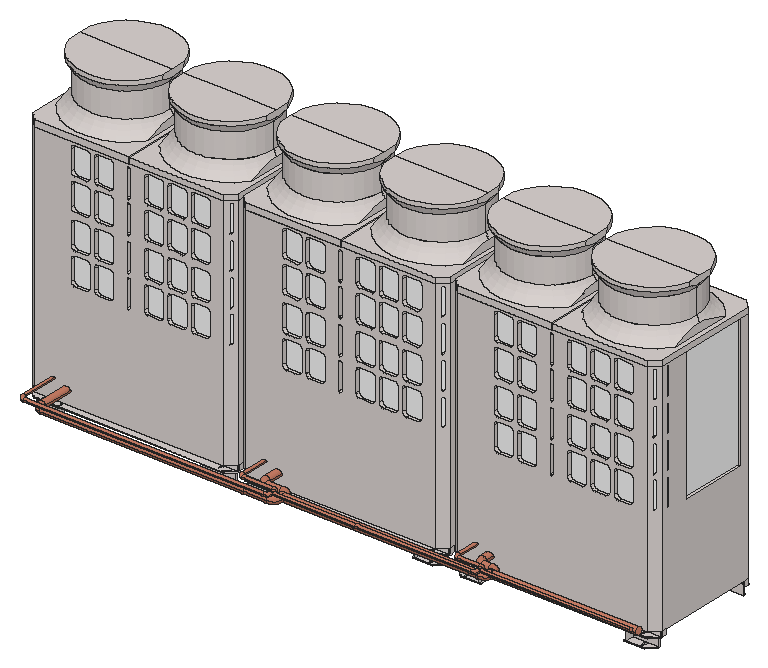
Revit family "PUHY-EP1100YSNW-A", category Mechanical Equipment, Revit 2012 (continued)
Definition of nested family "PUHY-EP400YNW-A"
  Lines and regions (mm)
    model lines
      curve 13: line (-357, -370, 131) -> (-485, -370, 131)
      curve 14: line (-347, -370, 205) -> (-347, -370, 141)
      curve 15: arc (-485, -370, 215) -> (-492.071, -370, 212.071) -> (-495, -370, 205) r 10
      curve 16: arc (-495, -370, 141) -> (-492.071, -370, 133.929) -> (-485, -370, 131) r 10
      curve 17: arc (-357, -370, 131) -> (-349.929, -370, 133.929) -> (-347, -370, 141) r 10
      curve 18: arc (-347, -370, 205) -> (-349.929, -370, 212.071) -> (-357, -370, 215) r 10
      curve 19: line (-405, -370, 1521) -> (-405, -370, 716)
      curve 20: line (620, -162.3, 1521) -> (620, -162.3, 95)
      curve 21: line (620, 289.2, 1521) -> (620, 289.2, 95)
      curve 22: line (620, -162.3, 705) -> (620, 289.2, 705)
      curve 23: line (620, -162.3, 725) -> (620, 289.2, 725)
      curve 24: line (620, -76.8, 583) -> (620, 203.2, 583)
      curve 25: line (620, 203.2, 563) -> (620, -76.8, 563)
      curve 26: arc (620, -76.8, 583) -> (620, -83.871, 580.071) -> (620, -86.8, 573) r 10
      curve 27: arc (620, -76.8, 563) -> (620, -83.871, 565.929) -> (620, -86.8, 573) r 10
      curve 28: arc (620, 203.2, 583) -> (620, 210.271, 580.071) -> (620, 213.2, 573) r 10
      curve 29: arc (620, 203.2, 563) -> (620, 210.271, 565.929) -> (620, 213.2, 573) r 10
      curve 30: line (620, -76.8, 478) -> (620, 203.2, 478)
      curve 31: line (620, 203.2, 458) -> (620, -76.8, 458)
      curve 32: arc (620, -76.8, 478) -> (620, -83.871, 475.071) -> (620, -86.8, 468) r 10
      curve 33: arc (620, -76.8, 458) -> (620, -83.871, 460.929) -> (620, -86.8, 468) r 10
      curve 34: arc (620, 203.2, 478) -> (620, 210.271, 475.071) -> (620, 213.2, 468) r 10
      curve 35: arc (620, 203.2, 458) -> (620, 210.271, 460.929) -> (620, 213.2, 468) r 10
      curve 36: line (620, -76.8, 373) -> (620, 203.2, 373)
      curve 37: line (620, 203.2, 353) -> (620, -76.8, 353)
      curve 38: arc (620, -76.8, 373) -> (620, -83.871, 370.071) -> (620, -86.8, 363) r 10
      curve 39: arc (620, -76.8, 353) -> (620, -83.871, 355.929) -> (620, -86.8, 363) r 10
      curve 40: arc (620, 203.2, 373) -> (620, 210.271, 370.071) -> (620, 213.2, 363) r 10
      curve 41: arc (620, 203.2, 353) -> (620, 210.271, 355.929) -> (620, 213.2, 363) r 10
      curve 42: line (620, -76.8, 268) -> (620, 203.2, 268)
      curve 43: line (620, 203.2, 248) -> (620, -76.8, 248)
      curve 44: arc (620, -76.8, 268) -> (620, -83.871, 265.071) -> (620, -86.8, 258) r 10
      curve 45: arc (620, -76.8, 248) -> (620, -83.871, 250.929) -> (620, -86.8, 258) r 10
      curve 46: arc (620, 203.2, 268) -> (620, 210.271, 265.071) -> (620, 213.2, 258) r 10
      curve 47: arc (620, 203.2, 248) -> (620, 210.271, 250.929) -> (620, 213.2, 258) r 10
      curve 48: line (-620, -162.3, 1521) -> (-620, -162.3, 95)
      curve 49: line (-620, 235.7, 1521) -> (-620, 235.7, 95)
      curve 50: line (-620, -112.3, 1521) -> (-620, -112.3, 705)
      curve 51: line (-620, 215.7, 1521) -> (-620, 215.7, 705)
      curve 52: line (-620, 235.7, 705) -> (-620, -162.3, 705)
      curve 53: line (-620, 176.7, 268) -> (-620, -103.3, 268)
      curve 54: line (-620, -103.3, 248) -> (-620, 176.7, 248)
      curve 55: arc (-620, 186.7, 258) -> (-620, 183.771, 265.071) -> (-620, 176.7, 268) r 10
      curve 56: arc (-620, 176.7, 248) -> (-620, 183.771, 250.929) -> (-620, 186.7, 258) r 10
      curve 57: arc (-620, -103.3, 268) -> (-620, -110.371, 265.071) -> (-620, -113.3, 258) r 10
      curve 58: arc (-620, -113.3, 258) -> (-620, -110.371, 250.929) -> (-620, -103.3, 248) r 10
      curve 59: line (-620, 176.7, 373) -> (-620, -103.3, 373)
      curve 60: line (-620, -103.3, 353) -> (-620, 176.7, 353)
      curve 61: arc (-620, 186.7, 363) -> (-620, 183.771, 370.071) -> (-620, 176.7, 373) r 10
      curve 62: arc (-620, 176.7, 353) -> (-620, 183.771, 355.929) -> (-620, 186.7, 363) r 10
      curve 63: arc (-620, -103.3, 373) -> (-620, -110.371, 370.071) -> (-620, -113.3, 363) r 10
      curve 64: arc (-620, -113.3, 363) -> (-620, -110.371, 355.929) -> (-620, -103.3, 353) r 10
      curve 65: line (-620, 176.7, 478) -> (-620, -103.3, 478)
      curve 66: line (-620, -103.3, 458) -> (-620, 176.7, 458)
      curve 67: arc (-620, 186.7, 468) -> (-620, 183.771, 475.071) -> (-620, 176.7, 478) r 10
      curve 68: arc (-620, 176.7, 458) -> (-620, 183.771, 460.929) -> (-620, 186.7, 468) r 10
      curve 69: arc (-620, -103.3, 478) -> (-620, -110.371, 475.071) -> (-620, -113.3, 468) r 10
      curve 70: arc (-620, -113.3, 468) -> (-620, -110.371, 460.929) -> (-620, -103.3, 458) r 10
      curve 71: line (-620, 176.7, 583) -> (-620, -103.3, 583)
      curve 72: line (-620, -103.3, 563) -> (-620, 176.7, 563)
      curve 73: arc (-620, 186.7, 573) -> (-620, 183.771, 580.071) -> (-620, 176.7, 583) r 10
      curve 74: arc (-620, 176.7, 563) -> (-620, 183.771, 565.929) -> (-620, 186.7, 573) r 10
      curve 75: arc (-620, -103.3, 583) -> (-620, -110.371, 580.071) -> (-620, -113.3, 573) r 10
      curve 76: arc (-620, -113.3, 573) -> (-620, -110.371, 565.929) -> (-620, -103.3, 563) r 10
      curve 77: line (-544, 370, 1521) -> (-544, 370, 95)
      curve 78: line (489, 370, 649) -> (30, 370, 649)
      curve 79: line (-30.5, 370, 649) -> (-544, 370, 649)
      curve 80: line (-147.25, 370, 584) -> (-427.25, 370, 584)
      curve 81: line (-427.25, 370, 564) -> (-147.25, 370, 564)
      curve 82: arc (-137.25, 370, 574) -> (-140.179, 370, 581.071) -> (-147.25, 370, 584) r 10
      curve 83: arc (-147.25, 370, 564) -> (-140.179, 370, 566.929) -> (-137.25, 370, 574) r 10
      curve 84: arc (-427.25, 370, 584) -> (-434.321, 370, 581.071) -> (-437.25, 370, 574) r 10
      curve 85: arc (-437.25, 370, 574) -> (-434.321, 370, 566.929) -> (-427.25, 370, 564) r 10
      curve 86: circle (448, -185, 1521) r 15 normal (0, 0, 1)
      curve 87: circle (468, -185, 95) r 26 normal (0, 0, 1)
      curve 88: circle (448, -260, 95) r 32.5 normal (0, 0, 1)
      curve 89: circle (404, -204, 95) r 17 normal (0, 0, 1)
      curve 90: line (-550, -370, 1521) -> (-550, -370, 95)
      curve 91: line (-550, -370, 716) -> (-30, -370, 716)
      curve 92: line (550, -370, 95) -> (550, -370, 1521)
      curve 93: line (30, -370, 716) -> (550, -370, 716)
      curve 94: line (-30.5, 370, 1521) -> (-30.5, 370, 95)
      curve 95: line (30, 370, 1521) -> (30, 370, 95)
      curve 96: line (489, 370, 1521) -> (489, 370, 95)
      curve 97: line (467, 370, 669) -> (467, 370, 649)
      curve 98: line (-352, -370, 223) -> (-550, -370, 223)
      curve 99: line (-342, -370, 213) -> (-342, -370, 95)
      curve 100: arc (-342, -370, 213) -> (-344.929, -370, 220.071) -> (-352, -370, 223) r 10
      curve 101: circle (488, -370, 160) r 32.5 normal (0, -1, 0)
      curve 102: circle (488, -370, 160) r 20 normal (0, -1, 0)
      curve 103: circle (364, -370, 150) r 17 normal (0, -1, 0)
      curve 104: circle (413, -370, 185) r 26 normal (0, -1, 0)
      curve 105: circle (413, -370, 185) r 13.5 normal (0, -1, 0)
      curve 106: line (352, -370, 223) -> (550, -370, 223)
      curve 107: line (342, -370, 213) -> (342, -370, 95)
      curve 108: arc (342, -370, 213) -> (344.929, -370, 220.071) -> (352, -370, 223) r 10
      curve 109: line (-147.25, 370, 479) -> (-427.25, 370, 479)
      curve 110: line (-427.25, 370, 459) -> (-147.25, 370, 459)
      curve 111: arc (-137.25, 370, 469) -> (-140.179, 370, 476.071) -> (-147.25, 370, 479) r 10
      curve 112: arc (-147.25, 370, 459) -> (-140.179, 370, 461.929) -> (-137.25, 370, 469) r 10
      curve 113: arc (-427.25, 370, 479) -> (-434.321, 370, 476.071) -> (-437.25, 370, 469) r 10
      curve 114: arc (-437.25, 370, 469) -> (-434.321, 370, 461.929) -> (-427.25, 370, 459) r 10
      curve 115: line (-147.25, 370, 374) -> (-427.25, 370, 374)
      curve 116: line (-427.25, 370, 354) -> (-147.25, 370, 354)
      curve 117: arc (-137.25, 370, 364) -> (-140.179, 370, 371.071) -> (-147.25, 370, 374) r 10
      curve 118: arc (-147.25, 370, 354) -> (-140.179, 370, 356.929) -> (-137.25, 370, 364) r 10
      curve 119: arc (-427.25, 370, 374) -> (-434.321, 370, 371.071) -> (-437.25, 370, 364) r 10
      curve 120: arc (-437.25, 370, 364) -> (-434.321, 370, 356.929) -> (-427.25, 370, 354) r 10
      curve 121: line (-147.25, 370, 269) -> (-427.25, 370, 269)
      curve 122: line (-427.25, 370, 249) -> (-147.25, 370, 249)
      curve 123: arc (-137.25, 370, 259) -> (-140.179, 370, 266.071) -> (-147.25, 370, 269) r 10
      curve 124: arc (-147.25, 370, 249) -> (-140.179, 370, 251.929) -> (-137.25, 370, 259) r 10
      curve 125: arc (-427.25, 370, 269) -> (-434.321, 370, 266.071) -> (-437.25, 370, 259) r 10
      curve 126: arc (-437.25, 370, 259) -> (-434.321, 370, 251.929) -> (-427.25, 370, 249) r 10
      curve 127: line (399.5, 370, 584) -> (119.5, 370, 584)
      curve 128: line (119.5, 370, 564) -> (399.5, 370, 564)
      curve 129: arc (409.5, 370, 574) -> (406.571, 370, 581.071) -> (399.5, 370, 584) r 10
      curve 130: arc (399.5, 370, 564) -> (406.571, 370, 566.929) -> (409.5, 370, 574) r 10
      curve 131: arc (119.5, 370, 584) -> (112.429, 370, 581.071) -> (109.5, 370, 574) r 10
      curve 132: arc (109.5, 370, 574) -> (112.429, 370, 566.929) -> (119.5, 370, 564) r 10
      curve 133: line (399.5, 370, 479) -> (119.5, 370, 479)
      curve 134: line (119.5, 370, 459) -> (399.5, 370, 459)
      curve 135: arc (409.5, 370, 469) -> (406.571, 370, 476.071) -> (399.5, 370, 479) r 10
      curve 136: arc (399.5, 370, 459) -> (406.571, 370, 461.929) -> (409.5, 370, 469) r 10
      curve 137: arc (119.5, 370, 479) -> (112.429, 370, 476.071) -> (109.5, 370, 469) r 10
      curve 138: arc (109.5, 370, 469) -> (112.429, 370, 461.929) -> (119.5, 370, 459) r 10
      curve 139: line (399.5, 370, 374) -> (119.5, 370, 374)
      curve 140: line (119.5, 370, 354) -> (399.5, 370, 354)
      curve 141: arc (409.5, 370, 364) -> (406.571, 370, 371.071) -> (399.5, 370, 374) r 10
      curve 142: arc (399.5, 370, 354) -> (406.571, 370, 356.929) -> (409.5, 370, 364) r 10
      curve 143: arc (119.5, 370, 374) -> (112.429, 370, 371.071) -> (109.5, 370, 364) r 10
      curve 144: arc (109.5, 370, 364) -> (112.429, 370, 356.929) -> (119.5, 370, 354) r 10
      curve 145: line (399.5, 370, 269) -> (119.5, 370, 269)
      curve 146: line (119.5, 370, 249) -> (399.5, 370, 249)
      curve 147: arc (409.5, 370, 259) -> (406.571, 370, 266.071) -> (399.5, 370, 269) r 10
      curve 148: arc (399.5, 370, 249) -> (406.571, 370, 251.929) -> (409.5, 370, 259) r 10
      curve 149: arc (119.5, 370, 269) -> (112.429, 370, 266.071) -> (109.5, 370, 259) r 10
      curve 150: arc (109.5, 370, 259) -> (112.429, 370, 251.929) -> (119.5, 370, 249) r 10
      curve 151: line (399.5, -370, 584) -> (119.5, -370, 584)
      curve 152: line (119.5, -370, 564) -> (399.5, -370, 564)
      curve 153: arc (409.5, -370, 574) -> (406.571, -370, 581.071) -> (399.5, -370, 584) r 10
      curve 154: arc (399.5, -370, 564) -> (406.571, -370, 566.929) -> (409.5, -370, 574) r 10
      curve 155: arc (119.5, -370, 584) -> (112.429, -370, 581.071) -> (109.5, -370, 574) r 10
      curve 156: arc (109.5, -370, 574) -> (112.429, -370, 566.929) -> (119.5, -370, 564) r 10
      curve 157: line (399.5, -370, 479) -> (119.5, -370, 479)
      curve 158: line (119.5, -370, 459) -> (399.5, -370, 459)
      curve 159: arc (409.5, -370, 469) -> (406.571, -370, 476.071) -> (399.5, -370, 479) r 10
      curve 160: arc (399.5, -370, 459) -> (406.571, -370, 461.929) -> (409.5, -370, 469) r 10
      curve 161: arc (119.5, -370, 479) -> (112.429, -370, 476.071) -> (109.5, -370, 469) r 10
      curve 162: arc (109.5, -370, 469) -> (112.429, -370, 461.929) -> (119.5, -370, 459) r 10
      curve 163: line (399.5, -370, 374) -> (119.5, -370, 374)
      curve 164: line (119.5, -370, 354) -> (399.5, -370, 354)
      curve 165: arc (409.5, -370, 364) -> (406.571, -370, 371.071) -> (399.5, -370, 374) r 10
      curve 166: arc (399.5, -370, 354) -> (406.571, -370, 356.929) -> (409.5, -370, 364) r 10
      curve 167: arc (119.5, -370, 374) -> (112.429, -370, 371.071) -> (109.5, -370, 364) r 10
      curve 168: arc (109.5, -370, 364) -> (112.429, -370, 356.929) -> (119.5, -370, 354) r 10
      curve 169: arc (119.5, -370, 269) -> (112.429, -370, 266.071) -> (109.5, -370, 259) r 10
      curve 170: arc (109.5, -370, 259) -> (112.429, -370, 251.929) -> (119.5, -370, 249) r 10
      curve 171: line (-147.25, -370, 584) -> (-427.25, -370, 584)
      curve 172: line (-427.25, -370, 564) -> (-147.25, -370, 564)
      curve 173: arc (-137.25, -370, 574) -> (-140.179, -370, 581.071) -> (-147.25, -370, 584) r 10
      curve 174: arc (-147.25, -370, 564) -> (-140.179, -370, 566.929) -> (-137.25, -370, 574) r 10
      curve 175: arc (-427.25, -370, 584) -> (-434.321, -370, 581.071) -> (-437.25, -370, 574) r 10
      curve 176: arc (-437.25, -370, 574) -> (-434.321, -370, 566.929) -> (-427.25, -370, 564) r 10
      curve 177: line (-147.25, -370, 479) -> (-427.25, -370, 479)
      curve 178: line (-427.25, -370, 459) -> (-147.25, -370, 459)
      curve 179: arc (-137.25, -370, 469) -> (-140.179, -370, 476.071) -> (-147.25, -370, 479) r 10
      curve 180: arc (-147.25, -370, 459) -> (-140.179, -370, 461.929) -> (-137.25, -370, 469) r 10
      curve 181: arc (-427.25, -370, 479) -> (-434.321, -370, 476.071) -> (-437.25, -370, 469) r 10
      curve 182: arc (-437.25, -370, 469) -> (-434.321, -370, 461.929) -> (-427.25, -370, 459) r 10
      curve 183: line (-147.25, -370, 374) -> (-427.25, -370, 374)
      curve 184: line (-427.25, -370, 354) -> (-147.25, -370, 354)
      curve 185: arc (-137.25, -370, 364) -> (-140.179, -370, 371.071) -> (-147.25, -370, 374) r 10
      curve 186: arc (-147.25, -370, 354) -> (-140.179, -370, 356.929) -> (-137.25, -370, 364) r 10
      curve 187: arc (-427.25, -370, 374) -> (-434.321, -370, 371.071) -> (-437.25, -370, 364) r 10
      curve 188: arc (-437.25, -370, 364) -> (-434.321, -370, 356.929) -> (-427.25, -370, 354) r 10
      curve 189: line (-147.25, -370, 269) -> (-262.25, -370, 269)
      curve 190: line (-262.25, -370, 249) -> (-147.25, -370, 249)
      curve 191: arc (-137.25, -370, 259) -> (-140.179, -370, 266.071) -> (-147.25, -370, 269) r 10
      curve 192: arc (-147.25, -370, 249) -> (-140.179, -370, 251.929) -> (-137.25, -370, 259) r 10
      curve 193: arc (-262.25, -370, 269) -> (-269.321, -370, 266.071) -> (-272.25, -370, 259) r 10
      curve 194: arc (-272.25, -370, 259) -> (-269.321, -370, 251.929) -> (-262.25, -370, 249) r 10
      curve 195: line (234.5, -370, 269) -> (119.5, -370, 269)
      curve 196: line (119.5, -370, 249) -> (234.5, -370, 249)
      curve 197: arc (244.5, -370, 259) -> (241.571, -370, 266.071) -> (234.5, -370, 269) r 10
      curve 198: arc (234.5, -370, 249) -> (241.571, -370, 251.929) -> (244.5, -370, 259) r 10
  Dimensions and locks
    nested 2 to nested 2 = 303 mm
    cut or joined group 1 (Extrusion 1, Extrusion 2, Extrusion 3, Extrusion 4, Extrusion 5, Extrusion 6, Extrusion 7, Extrusion 8, Extrusion 9, Extrusion 10, Extrusion 11, Extrusion 12, Extrusion 13, Extrusion 14, Extrusion 15, Extrusion 16, Extrusion 17, Extrusion 18, Extrusion 19, Extrusion 20, Extrusion 21, Extrusion 22, Extrusion 23, Extrusion 24, Extrusion 25, Extrusion 26, Extrusion 27, Extrusion 28, Extrusion 29, Extrusion 30, Extrusion 31, Extrusion 32, Extrusion 33) to cut or joined group 1 = 1240 mm
    Extrusion 2 sketch curve to Extrusion 2 sketch curve = 116.8 mm
    Extrusion 2 sketch curve to Extrusion 2 sketch curve = 170.8 mm
    Extrusion 3 sketch curve to Extrusion 3 sketch curve = 116.8 mm
    Extrusion 3 sketch curve to Extrusion 3 sketch curve = 170.8 mm
    Extrusion 4 sketch curve to Extrusion 4 sketch curve = 116.8 mm
    Extrusion 4 sketch curve to Extrusion 4 sketch curve = 170.8 mm
    Extrusion 5 sketch curve to Extrusion 5 sketch curve = 116.8 mm
    Extrusion 5 sketch curve to Extrusion 5 sketch curve = 170.8 mm
    Extrusion 6 sketch curve to Extrusion 6 sketch curve = 116.8 mm
    Extrusion 6 sketch curve to Extrusion 6 sketch curve = 170.8 mm
    Extrusion 7 sketch curve to Extrusion 7 sketch curve = 116.8 mm
    Extrusion 7 sketch curve to Extrusion 7 sketch curve = 170.8 mm
    Extrusion 8 sketch curve to Extrusion 8 sketch curve = 116.8 mm
    Extrusion 8 sketch curve to Extrusion 8 sketch curve = 170.8 mm
    Extrusion 9 sketch curve to Extrusion 9 sketch curve = 116.8 mm
    Extrusion 9 sketch curve to Extrusion 9 sketch curve = 170.8 mm
    cut or joined group 1 to cut or joined group 1 = 50 mm  (x2)
    Extrusion 10 sketch curve to Extrusion 10 sketch curve = 116.8 mm
    Extrusion 10 sketch curve to Extrusion 10 sketch curve = 170.8 mm
    Extrusion 11 sketch curve to Extrusion 11 sketch curve = 116.8 mm
    Extrusion 11 sketch curve to Extrusion 11 sketch curve = 170.8 mm
    Extrusion 12 sketch curve to Extrusion 12 sketch curve = 116.8 mm
    Extrusion 12 sketch curve to Extrusion 12 sketch curve = 170.8 mm
    Extrusion 13 sketch curve to Extrusion 13 sketch curve = 116.8 mm
    Extrusion 13 sketch curve to Extrusion 13 sketch curve = 170.8 mm
    Extrusion 14 sketch curve to Extrusion 14 sketch curve = 116.8 mm
    Extrusion 14 sketch curve to Extrusion 14 sketch curve = 170.8 mm
    Extrusion 15 sketch curve to Extrusion 15 sketch curve = 116.8 mm
    Extrusion 15 sketch curve to Extrusion 15 sketch curve = 170.8 mm
    Extrusion 16 sketch curve to Extrusion 16 sketch curve = 116.8 mm
    Extrusion 16 sketch curve to Extrusion 16 sketch curve = 170.8 mm
    Extrusion 17 sketch curve to Extrusion 17 sketch curve = 116.8 mm
    Extrusion 17 sketch curve to Extrusion 17 sketch curve = 170.8 mm
    Extrusion 18 sketch curve to Extrusion 18 sketch curve = 116.8 mm
    Extrusion 18 sketch curve to Extrusion 18 sketch curve = 170.8 mm
    Extrusion 19 sketch curve to Extrusion 19 sketch curve = 116.8 mm
    Extrusion 19 sketch curve to Extrusion 19 sketch curve = 170.8 mm
    Extrusion 20 sketch curve to Extrusion 20 sketch curve = 116.8 mm
    Extrusion 20 sketch curve to Extrusion 20 sketch curve = 170.8 mm
    Extrusion 21 sketch curve to Extrusion 21 sketch curve = 116.8 mm
    Extrusion 21 sketch curve to Extrusion 21 sketch curve = 170.8 mm
    plane 3 "Center (Left/Right)" to cut or joined group 1 = 620 mm
    cut or joined group 1 to plane 3 "Center (Left/Right)" = 620 mm
    Extrusion 1 sketch curve to Extrusion 1 sketch curve = 1240 mm
    cut or joined group 1 to plane 8 = 185 mm
    cut or joined group 1 to plane 7 = 166 mm
    cut or joined group 1 to plane 6 = 110 mm
    cut or joined group 1 to plane 12 to cut or joined group 1 = 805 mm, 621 mm
    plane 5 to plane 2 = 1858 mm  (x2)
    cut or joined group 1 to plane 19 "132" = 132 mm
    cut or joined group 1 to plane 22 = 207 mm
    cut or joined group 1 to plane 23 = 256 mm
    cut or joined group 1 to plane 6 = 60 mm
    cut or joined group 1 to cut or joined group 1 = 42.154 mm
    cut or joined group 1 to cut or joined group 1 = 11.895 mm
    nested 1 to nested 3 to level = 1798 mm, 60 mm
    nested 1 to nested 1 = 303 mm
    nested 1 to nested 3 = 1495 mm
    nested 8 to nested 8 to nested 8 to nested 7 to nested 7 to nested 7 = 54 mm, 20 mm, 592 mm, 20 mm, 54 mm
    nested 3 to nested 3 = 56 mm
    plane 11 to plane 31 to plane 32 to cut or joined group 1 = 90 mm, 1060 mm, 90 mm
    curve 103 to nested 7 = 90 mm
    curve 104 to nested 7 = 125 mm
    curve 101 to nested 7 = 100 mm
    curve 11 to curve 13 to nested 7 = 84 mm, 71 mm
    cut or joined group 1 to curve 12 to curve 14 = 125 mm, 148 mm
    nested 2 to nested 7 = 1495 mm
    curve 87 to cut or joined group 1 = 152 mm
    curve 88 to cut or joined group 1 = 172 mm
    curve 89 to cut or joined group 1 = 216 mm
    cut or joined group 1 to curve 4 to curve 2 = 128 mm, 150 mm
    cut or joined group 1 to curve 1 to curve 3 = 79 mm, 94 mm
    Extrusion 32 sketch curve to nested 7 = 116 mm
    cut or joined group 1 to Extrusion 32 sketch curve = 160 mm
    cut or joined group 1 to Extrusion 33 sketch curve = 243 mm
    Extrusion 33 sketch curve to nested 7 = 116 mm
    aligned and locked: level to plane 2
    aligned and locked: Extrusion 1 to plane 4
  Nested families
    nested 1: "FAN GUARD" at (-311.5, 2, 860), type "FAN GUARD"
      with WIDTH 870 mm
    nested 2: "FAN GUARD" at (311.5, 2, 860) x (-1, 0, 0) z (0, 0, 1), type "FAN GUARD"
      with WIDTH 870 mm
    nested 3: "ATTACHMENT LEG" at (-524, -349, 0), type "ATTACHMENT LEG"
    nested 4: "ATTACHMENT LEG" at (-524, 349, 0), type "ATTACHMENT LEG"
    nested 5: "ATTACHMENT LEG" at (524, -349, 0) x (-1, 0, 0) z (0, 0, 1), type "ATTACHMENT LEG"
    nested 6: "ATTACHMENT LEG" at (524, 349, 0) x (-1, 0, 0) z (0, 0, 1), type "ATTACHMENT LEG"
    nested 7: "BASE LEG_L_" at (0, -352, 60), type "BASE LEG_L_"
      with Width 1240 mm
    nested 8: "BASE LEG_L_" at (0, 352, 60), type "BASE LEG_L_"
      with Width 1240 mm
  Connectors
    piping at (-460, -191, 176), driven by "Liquid pipe_radius"
      settings: on cut or joined group 1, index 3, connector radius 12.7 mm, flow factor 0, pipe flow 0.0 L/s, pressure drop 0.0 Pa, fitting loss kfactor 0, connector angle 0.00°, fixture units 0, engagement length 0 mm, flow configuration 0, flow direction 0, fitting loss method 0, system type 22, joint type 0, gender type 0, connector reference index -1, connector utility 0, adjustable connector no, is connector primary yes, fitting loss table "", connector description "Refrigerant service valve<Liquid pipe>"
    piping at (-377, -191, 176), driven by "Gas pipe_radius"
      settings: on cut or joined group 1, index 4, connector radius 14.29 mm, flow factor 0, pipe flow 0.0 L/s, pressure drop 0.0 Pa, fitting loss kfactor 0, connector angle 0.00°, fixture units 0, engagement length 0 mm, flow configuration 0, flow direction 0, fitting loss method 0, system type 22, joint type 0, gender type 0, connector reference index -1, connector utility 0, adjustable connector no, is connector primary no, fitting loss table "", connector description "Refrigerant service valve<Gas>"
    electrical at (0, -370, 808)
      settings: on cut or joined group 1, index 5, voltage 0 V, apparent load 0 VA, apparent load phase1 0 VA, apparent load phase2 0 VA, apparent load phase3 0 VA, power factor 1, load classification "HVAC", number of poles 1, system type 30, power factor state 1, is connector primary yes, connector utility no, sub classification motor no, connector description ""
  Definition of nested family "FAN GUARD"
    Parameters (values of type "FAN GUARD")
      WIDTH [instance] = 870 mm
    Reference planes
      plane 1 "中心(正面/背面)": y = -2
      plane 2: z = 0
      plane 3 "ファンガード基準面": z = 661
      plane 4: y = 368
      plane 5: x = 366
      plane 6: x = -375
      plane 7 "ファンガード基準上面": z = 695
      plane 8 "ファンガード上面": z = 998
      plane 9: x = -273.971
      plane 10: x = 308.5
      plane 11: x = -308.5
      plane 12: x = 0
    Forms (mm)
      Extrusion 1, solid, material "Paint_5Y 8/1"
        sketch origin (85, 0, 661) x (-1, 0, 0) y (0, -1, 0)
          loop
            line (343.5, -368) -> (393.5, -318) -> (393.5, 322) -> (343.5, 372) -> (-223.5, 372) -> (-223.5, -368) -> (343.5, -368)
        from 0 to 34
      Revolve 2, solid, material "Paint_5Y 8/1"
        sketch origin (0, -2, 0) x (1, 0, 0) y (0, 0, 1)
          loop
            line (0, 695) -> (0, 998) -> (-290, 998) -> (-290, 972.327) -> (-260, 928.372) -> (-260, 777.384)
            arc (-260, 777.384) -> (-290.651, 730.137) -> (-334.665, 695) r 175.882
            line (-334.665, 695) -> (0, 695)
          axis (0, 998) -> (0, 695)
        angle from 0 to 360
      Extrusion 3, void
        sketch origin (-840, 75, 695) x (-1, 0, 0) y (0, -1, 0)
          loop
            line (-410, -165) -> (-410, 315) -> (-561.253, 315) -> (-561.253, -165) -> (-410, -165)
        from -35 to 430.592
      Extrusion 4, void
        sketch origin (840, 75, 695) x (1, 0, 0) y (0, 1, 0)
          loop
            line (-410, 165) -> (-561.253, 165) -> (-561.253, -315) -> (-410, -315) -> (-410, 165)
        from 0 to 430.592
    Cuts and joins
      Extrusion 3, Extrusion 4 cuts Revolve 2
      Extrusion 4 cuts Extrusion 1
    Lines and regions (mm)
      model lines
        curve 1: line (-278.747, 0, 998) -> (-80, 0, 998)
        curve 2: line (80, 0, 998) -> (278.747, 0, 998)
        curve 3: circle (0, 0, 998) r 80 normal (0, 0, 1)
        curve 4: line (-278.747, -80, 998) -> (278.747, -80, 998)
        curve 5: line (-241.868, -160, 998) -> (241.868, -160, 998)
        curve 6: line (-162.788, -240, 998) -> (162.788, -240, 998)
        curve 7: line (-278.747, 80, 998) -> (278.747, 80, 998)
        curve 8: line (-241.868, 160, 998) -> (240, 160, 998)
        curve 9: line (-160, 240, 998) -> (162.788, 240, 998)
        curve 10: line (0, 290, 998) -> (0, -290, 998)
        curve 11: line (-20, 289.31, 998) -> (-20, -289.31, 998)
        curve 12: line (-40, 287.228, 998) -> (-40, -287.228, 998)
        curve 13: line (-60, 283.725, 998) -> (-60, -283.725, 998)
        curve 14: line (-80, 278.747, 998) -> (-80, -278.747, 998)
        curve 15: line (20, 289.31, 998) -> (20, -289.31, 998)
        curve 16: line (40, 287.228, 998) -> (40, -287.228, 998)
        curve 17: line (60, 283.725, 998) -> (60, -283.725, 998)
        curve 18: line (80, 278.747, 998) -> (80, -278.747, 998)
        curve 19: line (100, 272.213, 998) -> (100, -272.213, 998)
        curve 20: line (120, 264.008, 998) -> (120, -264.008, 998)
        curve 21: line (140, 253.969, 998) -> (140, -253.969, 998)
        curve 22: line (160, 241.868, 998) -> (160, -243.132, 998)
        curve 23: line (180, 227.376, 998) -> (180, -227.624, 998)
        curve 24: line (200, 210, 998) -> (200, -210, 998)
        curve 25: line (220, 188.944, 998) -> (220, -188.944, 998)
        curve 26: line (240, 160, 998) -> (240, -162.788, 998)
        curve 27: line (260, 128.452, 998) -> (260, -128.452, 998)
        curve 28: line (-100, 272.213, 998) -> (-100, -272.213, 998)
        curve 29: line (-120, 264.008, 998) -> (-120, -264.008, 998)
        curve 30: line (-140, 253.969, 998) -> (-140, -253.969, 998)
        curve 31: line (-160, 240, 998) -> (-160, -241.868, 998)
        curve 32: line (-180, 227.376, 998) -> (-180, -227.376, 998)
        curve 33: line (-200, 210, 998) -> (-200, -210, 998)
        curve 34: line (-220, 188.944, 998) -> (-220, -188.944, 998)
        curve 35: line (-240, 162.788, 998) -> (-240, -162.788, 998)
        curve 36: line (-260, 128.452, 998) -> (-260, -128.452, 998)
        curve 37: line (10, 79.373, 998) -> (10, -79.373, 998)
        curve 38: line (-10, 79.373, 998) -> (-10, -79.373, 998)
        curve 39: line (30, 74.162, 998) -> (30, -74.162, 998)
        curve 40: line (50, 62.45, 998) -> (50, -62.45, 998)
        curve 41: line (70, 38.73, 998) -> (70, -38.73, 998)
        curve 42: line (-30, 74.162, 998) -> (-30, -74.162, 998)
        curve 43: line (-50, 62.45, 998) -> (-50, -62.45, 998)
        curve 44: line (-70, 38.73, 998) -> (-70, -38.73, 998)
    Dimensions and locks
      locked: plane 8 "ファンガード上面" to plane 7 "ファンガード基準上面" at 303
      plane 8 "ファンガード上面" to plane 3 "ファンガード基準面" = 337 mm
      Revolve 2 sketch curve to Revolve 2 sketch curve = 290 mm
      Extrusion 1 sketch curve to Extrusion 1 sketch curve = 740 mm
      equal spacing: Extrusion 1 sketch curve, plane 1 "中心(正面/背面)", Extrusion 1 sketch curve
      plane 6 to plane 5 = 741 mm
      Extrusion 1 sketch curve to Extrusion 1 sketch curve = 617 mm
      plane 11 to plane 10 = 617 mm
      cut or joined group of Extrusion 1, Extrusion 4 to cut or joined group of Extrusion 1, Extrusion 4 = 617 mm
      cut or joined group of Extrusion 1, Extrusion 4 to cut or joined group of Extrusion 1, Extrusion 4 = 740 mm
      aligned and locked: level to plane 2
      aligned and locked: plane 7 "ファンガード基準上面" to Extrusion 1
      aligned and locked: plane 3 "ファンガード基準面" to Extrusion 1
      aligned and locked: cut or joined group of Revolve 2, Extrusion 3, Extrusion 4 to plane 8 "ファンガード上面"
  Definition of nested family "ATTACHMENT LEG"
    Parameters (values of type "ATTACHMENT LEG")
      Width = 145 mm
    Reference planes
      plane 1: z = 0
      plane 2 "中心(左/右)": x = -6
      plane 3: x = -52
      plane 4: x = 85
      plane 5: x = 93
      plane 6: y = -21
      plane 7: y = 27
      plane 8: x = -30
      plane 9: y = 39
      plane 10: z = 60
      plane 11: z = 57
      plane 12: z = 3
      plane 13: x = 82
      plane 14: y = 36
      plane 15: x = -75
      plane 16: y = 31
      plane 17 "幅": x = 93
      plane 18: y = 2.5
      plane 19: y = 21
      plane 20: y = -10
    Forms (mm)
      Extrusion 1, solid, material "Paint_5Y 8/1"
        sketch origin (0, -1, 0) x (1, 0, 0) y (0, 1, 0)
          loop
            line (-75, 36) -> (-75, 27) -> (-28, -20) -> (93, -20) -> (93, 32) -> (85, 32) -> (85, 36) -> (-75, 36)
        from 0 to 60
      Extrusion 2, void
        sketch origin (0, -3, 0) x (1, 0, 0) y (0, 0, 1)
          loop
            line (-75, 57) -> (-75, 3) -> (82, 3) -> (82, 57) -> (-75, 57)
          loop
            line (93, 57) -> (85, 57) -> (85, 3) -> (93, 3) -> (93, 57)
        from -35 to 18
      Extrusion 3, void
        sketch origin (-6, 5.5, 0) x (1, 0, 0) y (0, 1, 0)
          loop
            arc (-7, -8.5) -> (0, -15.5) -> (7, -8.5) r 7
            line (7, -8.5) -> (7, 8.5)
            arc (7, 8.5) -> (0, 15.5) -> (-7, 8.5) r 7
            line (-7, 8.5) -> (-7, -8.5)
        from 0 to 60
    Cuts and joins
      Extrusion 2, Extrusion 3 cuts Extrusion 1
    Dimensions and locks
      locked: plane 3 to plane 4 at 137
      locked: plane 3 to plane 5 at 145
      plane 6 to plane 7 = 48 mm
      locked: plane 10 to level at 60
      Extrusion 3 sketch curve to plane 2 "中心(左/右)" = 7 mm
      locked: plane 15 to plane 2 "中心(左/右)" at 69
      locked: plane 15 to plane 8 at 45
      locked: plane 6 to plane 18 at 23.5
      cut or joined group of Extrusion 1, Extrusion 2, Extrusion 3 to cut or joined group of Extrusion 1, Extrusion 2, Extrusion 3 = 168 mm
      cut or joined group of Extrusion 1, Extrusion 2, Extrusion 3 to cut or joined group of Extrusion 1, Extrusion 2, Extrusion 3 = 56 mm  (x2)
      plane 14 to plane 6 = 57 mm
      aligned and locked: level to plane 1
      aligned and locked: Extrusion 1 sketch curve to plane 4
      aligned and locked: Extrusion 1 sketch curve to plane 5
      aligned: plane 8 to Extrusion 1 sketch curve
      aligned and locked: plane 10 to Extrusion 1
      aligned and locked: Extrusion 2 sketch curve to plane 11
      aligned: plane 3 to Extrusion 2 sketch curve
      aligned and locked: plane 12 to Extrusion 2 sketch curve
      aligned and locked: Extrusion 2 sketch curve to plane 13
      aligned and locked: plane 6 to Extrusion 2
      aligned and locked: plane 11 to Extrusion 2 sketch curve
      aligned and locked: plane 5 to Extrusion 2 sketch curve
      aligned and locked: Extrusion 2 sketch curve to plane 12
      aligned and locked: Extrusion 2 sketch curve to plane 4
      aligned and locked: plane 15 to Extrusion 1 sketch curve
      aligned and locked: Extrusion 2 sketch curve to cut or joined group of Extrusion 1, Extrusion 2, Extrusion 3
      aligned and locked: Extrusion 1 to plane 16
  Definition of nested family "BASE LEG_L_"
    Parameters (values of type "BASE LEG_L_")
      Width [instance] = 1240 mm
    Reference planes
      plane 1 "中心(正面/背面)": y = 0
      plane 2: z = 0
      plane 3 "中心(左/右)": x = 0
      plane 4: x = 620
      plane 5: x = -620
      plane 6: x = -530
      plane 7: x = 530
      plane 8: y = -18
      plane 9: y = 39
      plane 10: z = 53
      plane 11: y = 42
      plane 12: y = 27
      plane 13: x = 575
      plane 14: x = -575
      plane 15: z = 8
      plane 16: y = 11.5
      plane 17: z = 35
    Forms (mm)
      Extrusion 1, solid, material "Paint_5Y 8/1"
        sketch origin (0, 0, 0) x (0, 1, 0) y (0, 0, 1)
          loop
            line (-18, 0) -> (36, 0) -> (36, 32) -> (56, 32) -> (56, 35) -> (33, 35) -> (33, 3) -> (-18, 3) -> (-18, 0)
        from -620 to 620
      Extrusion 2, void
        sketch origin (0, 0, 0) x (1, 0, 0) y (0, 1, 0)
          loop
            line (575, -18) -> (620, -18) -> (620, 27) -> (575, -18)
          loop
            line (-575, -18) -> (-620, 27) -> (-620, -18) -> (-575, -18)
        from 0 to 250
      Extrusion 3, void
        sketch origin (0, 12.023, 0) x (1, 0, 0) y (0, 1, 0)
          loop
            arc (523, -2.971) -> (530, -9.971) -> (537, -2.971) r 7
            line (537, -2.971) -> (537, 3.023)
            arc (537, 3.023) -> (530, 10.023) -> (523, 3.023) r 7
            line (523, 3.023) -> (523, -2.971)
          loop
            line (-523, -2.971) -> (-523, 3.023)
            arc (-523, 3.023) -> (-530, 10.023) -> (-537, 3.023) r 7
            line (-537, 3.023) -> (-537, -2.971)
            arc (-537, -2.971) -> (-530, -9.971) -> (-523, -2.971) r 7
        from 0 to 250
      Extrusion 4, solid, material "Paint_5Y 8/1"
        sketch origin (0, 0, -3) x (1, 0, 0) y (0, 0, 1)
          loop
            line (617, 8) -> (620, 8) -> (620, 35) -> (617, 35) -> (617, 8)
          loop
            line (-617, 8) -> (-617, 35) -> (-620, 35) -> (-620, 8) -> (-617, 8)
        from -36 to -56
      Extrusion 5, solid, material "Paint_5Y 8/1"
        sketch origin (150, 352, 0) x (1, 0, 0) y (0, 1, 0)
          loop
            line (460, -319) -> (455, -319) -> (455, -320) -> (405, -370) -> (410, -370) -> (460, -320) -> (460, -319)
        from 3 to 35
      Extrusion 6, void
        sketch origin (560, -18, 0) x (0.707107, 0.707107, 0) y (0, 0, 1)
          loop
            line (70.711, 3) -> (-6.741, 39.767) -> (-6.741, 3) -> (70.711, 3)
        from -190.256 to 23.776
      Extrusion 7, solid, material "Paint_5Y 8/1"
        sketch origin (-150, 352, 0) x (-1, 0, 0) y (0, -1, 0)
          loop
            line (460, 319) -> (460, 320) -> (410, 370) -> (405, 370) -> (455, 320) -> (455, 319) -> (460, 319)
        from 3 to 35
      Extrusion 8, void
        sketch origin (-560, -18, 0) x (0.707107, -0.707107, 0) y (0, 0, -1)
          loop
            line (-70.711, -3) -> (0, -35) -> (6.741, -35) -> (6.741, -3) -> (-70.711, -3)
        from -190.256 to 23.776
    Cuts and joins
      Extrusion 2, Extrusion 3 cuts Extrusion 1
      joined: Extrusion 1, Extrusion 4
      Extrusion 8 cuts Extrusion 7
      Extrusion 6 cuts Extrusion 5
    Dimensions and locks
      "Width": plane 5 to plane 4
      equal spacing: plane 5, plane 3 "中心(左/右)", plane 4
      locked: plane 5 to plane 6 at 90
      locked: plane 7 to plane 4 at 90
      locked: plane 8 to plane 9 at 57
      locked: plane 10 to level at 53
      locked: plane 9 to plane 11 at 3
      plane 8 to plane 12 = 45 mm
      locked: plane 13 to plane 4 at 45
      locked: plane 5 to plane 14 at 45
      equal spacing: Extrusion 3 sketch curve, plane 7, Extrusion 3 sketch curve
      equal spacing: Extrusion 3 sketch curve, plane 6, Extrusion 3 sketch curve
      locked: plane 10 to plane 15 at 45
      locked: cut or joined group of Extrusion 1, Extrusion 2, Extrusion 3, Extrusion 4 to Extrusion 4 sketch curve at 3  (x2)
      locked: plane 8 to plane 16 at 29.5
      plane 8 to plane 11 = 60 mm
      cut or joined group of Extrusion 1, Extrusion 2, Extrusion 3, Extrusion 4 to cut or joined group of Extrusion 1, Extrusion 2, Extrusion 3, Extrusion 4 = 35 mm
      aligned and locked: level to plane 2
      aligned and locked: plane 8 to Extrusion 1 sketch curve
      aligned and locked: plane 4 to Extrusion 1
      aligned and locked: Extrusion 1 to plane 5
      aligned and locked: Extrusion 2 sketch curve to plane 4
      aligned and locked: Extrusion 2 sketch curve to plane 8
      aligned and locked: plane 12 to Extrusion 2 sketch curve
      aligned and locked: plane 13 to Extrusion 2 sketch curve
      aligned and locked: plane 4 to Extrusion 4 sketch curve
      aligned and locked: plane 5 to Extrusion 4 sketch curve
      aligned and locked: cut or joined group of Extrusion 7, Extrusion 8 to cut or joined group of Extrusion 1, Extrusion 2, Extrusion 3, Extrusion 4
    Automatic sketch dimensions
      Extrusion 3 sketch curve to plane 1 "中心(正面/背面)" = 9.052 mm  (x2)
      Extrusion 3 sketch curve to plane 7 = 7 mm
      Extrusion 3 sketch curve to plane 1 "中心(正面/背面)" = 15.046 mm  (x2)
      Extrusion 3 sketch curve to plane 6 = 7 mm
      Extrusion 2 sketch curve to plane 5 = 0 mm
      plane 8 to Extrusion 2 sketch curve = 0 mm
      Extrusion 2 sketch curve to plane 14 = 0 mm
      plane 12 to Extrusion 2 sketch curve = 0 mm
      Extrusion 4 sketch curve to plane 10 = 21 mm
      plane 7 to Extrusion 5 sketch curve = 25 mm
      Extrusion 5 sketch curve to Extrusion 5 sketch curve = 5 mm  (x2)
      plane 7 to Extrusion 5 sketch curve = 75 mm
      plane 8 to Extrusion 5 sketch curve = 0 mm
      Extrusion 5 sketch curve to Extrusion 5 sketch curve = 50 mm
      Extrusion 5 sketch curve to Extrusion 5 sketch curve = 0 mm
      Extrusion 5 sketch curve to Extrusion 5 sketch curve = 1 mm
      Extrusion 6 sketch curve to Extrusion 5 = 0 mm  (x2)
      Extrusion 6 sketch curve to Extrusion 5 = 6.741 mm
      Extrusion 6 sketch curve to Extrusion 5 = 4.767 mm
      plane 6 to Extrusion 7 sketch curve = 25 mm
      Extrusion 7 sketch curve to Extrusion 7 sketch curve = 5 mm  (x2)
      Extrusion 7 sketch curve to Extrusion 7 sketch curve = 45 mm
      Extrusion 7 sketch curve to plane 8 = 0 mm
      Extrusion 7 sketch curve to Extrusion 7 sketch curve = 50 mm
      Extrusion 7 sketch curve to Extrusion 7 sketch curve = 0 mm
      Extrusion 7 sketch curve to Extrusion 7 sketch curve = 1 mm
      Extrusion 8 sketch curve to Extrusion 7 = 0 mm  (x2)
      Extrusion 7 to Extrusion 8 sketch curve = 0 mm  (x2)
      Extrusion 7 to Extrusion 8 sketch curve = 6.741 mm
      Extrusion 4 sketch curve to plane 17 = 3 mm
      Extrusion 4 sketch curve to plane 15 = 3 mm  (x2)
      Extrusion 1 sketch curve to plane 17 = 0 mm
      Extrusion 1 sketch curve to level = 0 mm
      level to Extrusion 1 sketch curve = 3 mm
      plane 9 to Extrusion 1 sketch curve = 6 mm
      plane 9 to Extrusion 1 sketch curve = 3 mm
      Extrusion 1 sketch curve to plane 17 = 3 mm
      Extrusion 1 sketch curve to plane 11 = 14 mm
Types (6, lengths in mm): name | Voltage | Hertz | Heating Current (A) | Cooling Current (A)
  PUHY-EP1100YSNW-A_380V_50Hz | 380 V | 50 Hz | 55.7 | 48.2
  PUHY-EP1100YSNW-A_380V_60Hz | 380 V | 60 Hz | 55.7 | 48.2
  PUHY-EP1100YSNW-A_400V_50Hz | 400 V | 50 Hz | 52.9 | 45.8
  PUHY-EP1100YSNW-A_400V_60Hz | 400 V | 60 Hz | 52.9 | 45.8
  PUHY-EP1100YSNW-A_415V_50Hz | 415 V | 50 Hz | 51 | 44.1
  PUHY-EP1100YSNW-A_415V_60Hz | 415 V | 60 Hz | 51 | 44.1
